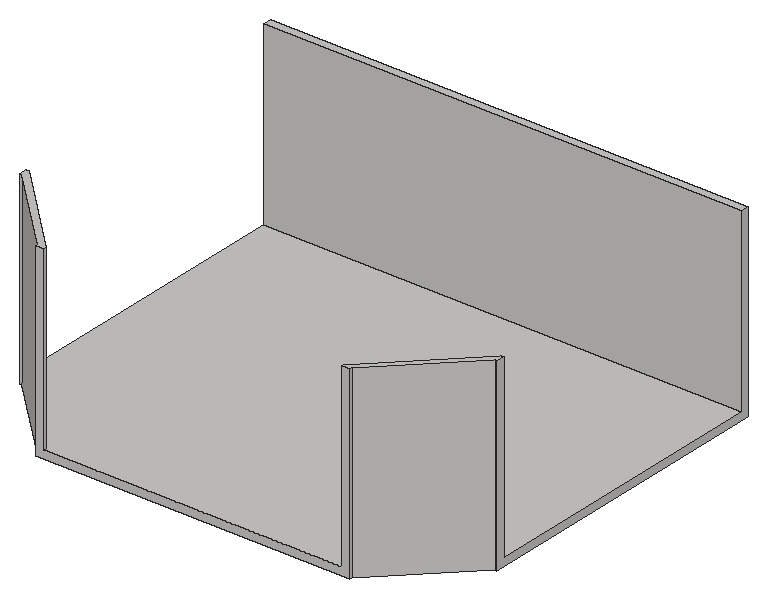
Revit family "Cable_Tray_Fitting-Modular_Channel_Tray-OBO_Bettermann-Channel_Horizontal_Tee_100-300-AZ", category Cable Tray Fittings, Revit 2012
Parameters (values of type "Hot Dipped Galvanised")
  URL = "http://www.obo-bettermann.com/"
  Tray Width 3 [instance] = 100 mm
  Tray Width 1 [instance] = 100 mm
  Tray Length [instance] = 0.794 mm
  Tray Height [instance] = 60 mm
  built-in parameter 1140111 [instance] = 2.58 mm
  Radius Label 1 [instance] = Radius Label + [built-in parameter 1140111]  # 27.98 mm
  Radius Label [instance] = Radius  # 25.4 mm
  Radius = 25.4 mm
  Product Page URL = "http://catalog1.obo-bettermann.com/catalogue/catalogue.do?favOid=kts_433413&act=showIO&lang=de&action=start&catId=KTS&forward=showSolutionView"
  Product Documentation Link = ""
  Pre Galvanized = no
  Model = "AZ"
  Manufacturer = "OBO Bettermann"
  Description = "Modular AZ Channel Tray"
  Connector Description 3 = "Connector for Cable Tray 3"  # constant formula
  Connector Description 2 = "Connector for Cable Tray 2"  # constant formula
  Connector Description = "Connector for Cable Tray 1"  # constant formula
  Classification = "Refer to online catalog for UL and cUL classifed sizes and wire sizes."
  Cable Tray Material = Metal - OBO Bettermann - Hot-Dipped-Galvanised
  Assembly Code = "D5030600"
Types (2, lengths in mm): name | Cable Tray Material
  Hot Dipped Galvanised | Metal - OBO Bettermann - Hot-Dipped-Galvanised
  Strip Galvanised | Metal - OBO Bettermann - Strip-Galvanised
Reference planes
  plane 1 "Center (Front/Back)": y = 0
  plane 2: z = 0
  plane 3 "Center (Left/Right)": x = 0
  plane 4: y = 50
  plane 5: y = -50
  plane 6: z = 30
  plane 7: z = -30
  plane 8: y = -75.4
  plane 9: x = -50
  plane 10: x = 50
  plane 11: x = -75.4
  plane 12: x = 75.4
  plane 13: y = -47.42
  plane 14: y = 47.42
  plane 15: y = -76.194
  plane 16: x = -47.42
  plane 17: x = 47.42
  plane 18: x = -76.194
  plane 19: x = 76.194
  plane 20: z = -27.42
Forms (mm)
  Extrusion 1, solid, material "Metal - OBO Bettermann - Hot-Dipped-Galvanised" <- "Cable Tray Material", detail levels fine
    sketch origin (0, 0, 0) x (1, 0, 0) y (0, 1, 0)
      loop
        line (-76.194, -47.42) -> (-76.194, -50) -> (-75.4, -50) -> (-50, -75.4) -> (-50, -76.194) -> (-47.42, -76.194) -> (-47.42, -75.4) -> (-75.4, -47.42) -> (-76.194, -47.42)
      loop
        line (75.4, -50) -> (76.194, -50) -> (76.194, -47.42) -> (75.4, -47.42) -> (47.42, -75.4) -> (47.42, -76.194) -> (50, -76.194) -> (50, -75.4) -> (75.4, -50)
      loop
        line (-76.194, 50) -> (-76.194, 47.42) -> (76.194, 47.42) -> (76.194, 50) -> (-76.194, 50)
    from -30 to 30
  Extrusion 2, solid, material "Metal - OBO Bettermann - Hot-Dipped-Galvanised" <- "Cable Tray Material", detail levels fine
    sketch origin (0, 0, 0) x (1, 0, 0) y (0, 1, 0)
      loop
        line (-76.194, -50) -> (-75.4, -50) -> (-50, -75.4) -> (-50, -76.194) -> (50, -76.194) -> (50, -75.4) -> (75.4, -50) -> (76.194, -50) -> (76.194, 50) -> (-76.194, 50) -> (-76.194, -50)
    from -30 to -27.42
  Extrusion 3, solid, material "Metal - OBO Bettermann - Hot-Dipped-Galvanised" <- "Cable Tray Material", detail levels medium
    sketch origin (0, 0, 0) x (1, 0, 0) y (0, 1, 0)
      loop
        line (-76.194, 50) -> (-76.194, -50) -> (-75.4, -50) -> (-50, -75.4) -> (-50, -76.194) -> (50, -76.194) -> (50, -75.4) -> (75.4, -50) -> (76.194, -50) -> (76.194, 50) -> (-76.194, 50)
    from -30 to 30
Cuts and joins
  joined: Extrusion 1, Extrusion 2
Lines and regions (mm)
  model lines, style "Coarse View", detail levels coarse
    curve 1: line (-76.194, 0, 0) -> (76.194, 0, 0)
    curve 2: line (0, 0, 0) -> (0, -76.194, 0)
Dimensions and locks
  equal spacing: plane 4, plane 1 "Center (Front/Back)", plane 5
  "Tray Width 1": plane 4 to plane 5
  equal spacing: plane 6, plane 2, plane 7
  "Tray Height": plane 6 to plane 7
  "Radius Label": plane 5 to plane 8
  equal spacing: plane 9, plane 3 "Center (Left/Right)", plane 10
  "Tray Width 3": plane 9 to plane 10
  "Radius Label": plane 11 to plane 9
  "Radius Label": plane 10 to plane 12
  "built-in parameter 1140111": plane 13 to plane 5
  "built-in parameter 1140111": plane 4 to plane 14
  "Tray Length": plane 8 to plane 15
  "built-in parameter 1140111": plane 9 to plane 16
  "built-in parameter 1140111": plane 17 to plane 10
  "Tray Length": plane 18 to plane 11
  "Tray Length": plane 12 to plane 19
  "built-in parameter 1140111": plane 20 to plane 7
  plane 18 to plane 9 = 26.194 mm
  aligned and locked: plane 11 to Extrusion 1 sketch curve  (x2)
  aligned and locked: Extrusion 1 sketch curve to plane 13
  aligned and locked: plane 18 to Extrusion 1 sketch curve  (x2)
  aligned and locked: Extrusion 1 sketch curve to plane 5
  aligned and locked: plane 8 to Extrusion 1 sketch curve  (x4)
  aligned and locked: Extrusion 1 sketch curve to plane 9
  aligned and locked: plane 15 to Extrusion 1 sketch curve  (x2)
  aligned and locked: Extrusion 1 sketch curve to plane 16
  aligned and locked: plane 16 to Extrusion 1 sketch curve
  aligned and locked: plane 9 to Extrusion 1 sketch curve
  aligned and locked: Extrusion 1 sketch curve to plane 15  (x2)
  aligned and locked: Extrusion 1 sketch curve to plane 18
  aligned and locked: Extrusion 1 to plane 7
  aligned and locked: plane 6 to Extrusion 1
  aligned and locked: plane 12 to Extrusion 1 sketch curve  (x2)
  aligned and locked: plane 19 to Extrusion 1 sketch curve
  aligned and locked: plane 5 to Extrusion 1 sketch curve
  aligned and locked: plane 13 to Extrusion 1 sketch curve
  aligned and locked: Extrusion 1 sketch curve to plane 19  (x2)
  aligned and locked: Extrusion 1 sketch curve to plane 17
  aligned and locked: Extrusion 1 sketch curve to plane 10
  aligned and locked: plane 10 to Extrusion 1 sketch curve
  aligned and locked: plane 17 to Extrusion 1 sketch curve
  aligned and locked: plane 14 to Extrusion 1 sketch curve
  aligned and locked: Extrusion 1 sketch curve to plane 4
  aligned and locked: plane 18 to Extrusion 2 sketch curve
  aligned and locked: plane 11 to Extrusion 2 sketch curve
  aligned and locked: Extrusion 2 sketch curve to plane 5
  aligned and locked: Extrusion 2 sketch curve to plane 18
  aligned and locked: plane 19 to Extrusion 2 sketch curve  (x2)
  aligned and locked: Extrusion 2 sketch curve to plane 4
  aligned and locked: plane 4 to Extrusion 2 sketch curve
  aligned and locked: plane 5 to Extrusion 2 sketch curve
  aligned and locked: plane 12 to Extrusion 2 sketch curve
  aligned and locked: plane 15 to Extrusion 2 sketch curve
  aligned and locked: plane 8 to Extrusion 2 sketch curve
  aligned and locked: plane 10 to Extrusion 2 sketch curve
  aligned and locked: plane 9 to Extrusion 2 sketch curve
  aligned and locked: Extrusion 2 sketch curve to plane 15
  aligned and locked: Extrusion 2 to plane 7
  aligned and locked: plane 20 to Extrusion 2
  aligned and locked: plane 18 to Extrusion 3 sketch curve
  aligned and locked: plane 11 to Extrusion 3 sketch curve
  aligned and locked: Extrusion 3 sketch curve to plane 5  (x2)
  aligned and locked: plane 4 to Extrusion 3 sketch curve  (x2)
  aligned and locked: Extrusion 3 sketch curve to plane 18
  aligned and locked: plane 5 to Extrusion 3 sketch curve
  aligned and locked: Extrusion 3 sketch curve to plane 19
  aligned and locked: plane 12 to Extrusion 3 sketch curve
  aligned and locked: plane 19 to Extrusion 3 sketch curve
  aligned and locked: plane 15 to Extrusion 3 sketch curve
  aligned and locked: Extrusion 3 sketch curve to plane 10
  aligned and locked: plane 8 to Extrusion 3 sketch curve
  aligned and locked: plane 10 to Extrusion 3 sketch curve
  aligned and locked: plane 9 to Extrusion 3 sketch curve
  aligned and locked: Extrusion 3 sketch curve to plane 15
  aligned and locked: Extrusion 3 to plane 7
  aligned and locked: plane 6 to Extrusion 3
  aligned and locked: plane 19 to curve 1
  aligned and locked: plane 18 to curve 1
  aligned and locked: plane 1 "Center (Front/Back)" to curve 1
  aligned and locked: plane 15 to curve 2
  aligned and locked: plane 1 "Center (Front/Back)" to curve 2
  aligned and locked: curve 2 to plane 3 "Center (Left/Right)"
Automatic sketch dimensions
  Extrusion 2 sketch curve to plane 8 = 0 mm
  Extrusion 3 sketch curve to plane 8 = 0 mm
Connectors
  cabletrayconduit at (-76.194, 0, 0), driven by "Tray Height", driven by "Tray Width 1", driven by "Connector Description"
    settings: on Extrusion 3, index 1, connector width 100 mm, connector height 60 mm, connector radius 304.8 mm, connector angle 0.00°, system type 32, placement type 0, profile type 1, connector reference index 2, is primary connector yes, connector utility param no, connector description "Connector for Cable Tray 1"
  cabletrayconduit at (76.194, 0, 0), driven by "Tray Height", driven by "Tray Width 1", driven by "Connector Description 2"
    settings: on Extrusion 3, index 2, connector width 100 mm, connector height 60 mm, connector radius 304.8 mm, connector angle 0.00°, system type 32, placement type 0, profile type 1, connector reference index 1, is primary connector no, connector utility param no, connector description "Connector for Cable Tray 2"
  cabletrayconduit at (0, -76.194, 0), driven by "Tray Height", driven by "Tray Width 3", driven by "Connector Description 3"
    settings: on Extrusion 3, index 3, connector width 100 mm, connector height 60 mm, connector radius 304.8 mm, connector angle 0.00°, system type 32, placement type 0, profile type 1, connector reference index -1, is primary connector no, connector utility param no, connector description "Connector for Cable Tray 3"
